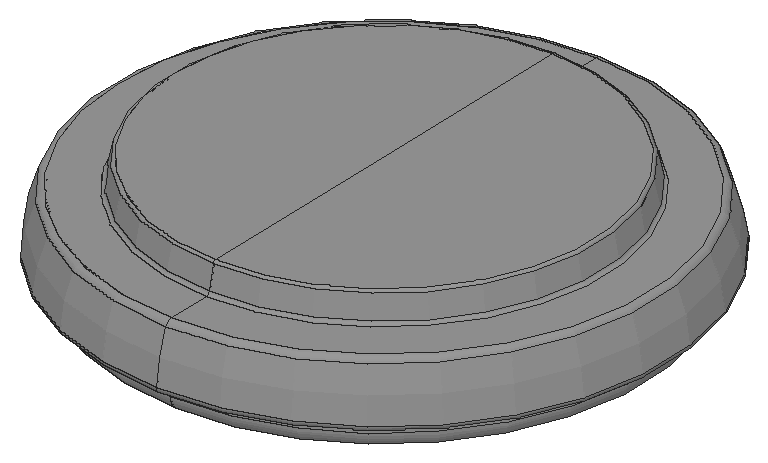
Revit family "FMK11_63_UN_Surface-mounted_ETK", category Lighting Fixtures, Revit 2017 (continued)
Definition of nested family "FMK.1 - Lightsource"
  Types (13, lengths in mm): name | Wattage Comments | Photometric Web File | built-in parameter 1150142 | Apparent Load
    FMK.1109.10 - Ø250x48 / 12W | "12W" | "FMK.1109.10.ies" | "IESNA:LM-63-2002\r\n[TEST] /2015\r\n[TESTLAB] ies2eulumdat.appspot.com\r\n[ISSUEDATE] 2021-06-16T09:00:21.829\r\n[MANUFAC] www.etk.nl\r\n[LUMCAT] FMK.1109.10\r\n[LUMINAIRE] FMK.1 LED 12W 3000/4000/5700K ø250 niet dimbaar\r\n[LAMPCAT] LED\r\n[LAMP] LED\r\nTILT=NONE\r\n1\t1150\t1\t46\t180\t1\t2\t-0.250\t-0.250\t0\r\n1.0\t1.0\t11.80\r\n0\t 2\t 4\t 6\t 8\t 10\t 12\t 14\t 16\t 18\r\n20\t 22\t 24\t 26\t 28\t 30\t 32\t 34\t 36\t 38\r\n40\t 42\t 44\t 46\t 48\t 50\t 52\t 54\t 56\t 58\r\n60\t 62\t 64\t 66\t 68\t 70\t 72\t 74\t 76\t 78\r\n80\t 82\t 84\t 86\t 88\t 90\r\n0\t 2\t 4\t 6\t 8\t 10\t 12\t 14\t 16\t 18\r\n20\t 22\t 24\t 26\t 28\t 30\t 32\t 34\t 36\t 38\r\n40\t 42\t 44\t 46\t 48\t 50\t 52\t 54\t 56\t 58\r\n60\t 62\t 64\t 66\t 68\t 70\t 72\t 74\t 76\t 78\r\n80\t 82\t 84\t 86\t 88\t 90\t 92\t 94\t 96\t 98\r\n100\t 102\t 104\t 106\t 108\t 110\t 112\t 114\t 116\t 118\r\n120\t 122\t 124\t 126\t 128\t 130\t 132\t 134\t 136\t 138\r\n140\t 142\t 144\t 146\t 148\t 150\t 152\t 154\t 156\t 158\r\n160\t 162\t 164\t 166\t 168\t 170\t 172\t 174\t 176\t 178\r\n180\t 182\t 184\t 186\t 188\t 190\t 192\t 194\t 196\t 198\r\n200\t 202\t 204\t 206\t 208\t 210\t 212\t 214\t 216\t 218\r\n220\t 222\t 224\t 226\t 228\t 230\t 232\t 234\t 236\t 238\r\n240\t 242\t 244\t 246\t 248\t 250\t 252\t 254\t 256\t 258\r\n260\t 262\t 264\t 266\t 268\t 270\t 272\t 274\t 276\t 278\r\n280\t 282\t 284\t 286\t 288\t 290\t 292\t 294\t 296\t 298\r\n300\t 302\t 304\t 306\t 308\t 310\t 312\t 314\t 316\t 318\r\n320\t 322\t 324\t 326\t 328\t 330\t 332\t 334\t 336\t 338\r\n340\t 342\t 344\t 346\t 348\t 350\t 352\t 354\t 356\t 358\r\n\r\n405.3384\t404.7765\t404.2265\t402.9975\t401.1013\t399.2051\t395.3191\t391.4331\t387.5471\t383.661\r\n379.7751\t373.4779\t367.169\t360.8717\t354.5746\t348.2657\t339.7094\t331.1415\t322.5852\t314.029\r\n305.461\t294.8096\t284.1582\t273.5069\t262.8555\t252.2041\t239.7267\t227.261\t214.7837\t202.3181\r\n189.8525\t177.3751\t164.9094\t152.432\t139.9664\t127.4891\t0\t0\t0\t0\r\n0\t0\t0\t0\t0\t0\r\n405.3384\t404.7925\t404.2577\t403.0448\t401.1686\t399.2994\t395.4335\t391.5606\t387.7102\t383.8203\r\n379.9334\t373.6444\t367.3443\t361.0453\t354.7325\t348.4388\t339.8983\t331.3616\t322.8117\t314.2627\r\n305.722\t295.0872\t284.4404\t273.8022\t263.1576\t252.5163\t240.0548\t227.5873\t215.131\t202.664\r\n190.1945\t177.7378\t165.2697\t152.8012\t140.3312\t128.1946\t0.3296\t0\t0\t0\r\n0\t0\t0\t0\t0\t0\r\n405.3384\t404.8094\t404.2892\t403.0935\t401.2796\t399.4809\t395.6213\t391.7396\t387.8385\t383.9437\r\n380.072\t373.802\t367.5085\t361.2065\t354.9129\t348.6531\t340.137\t331.5961\t323.0451\t314.5012\r\n305.9895\t295.3818\t284.734\t274.0862\t263.4264\t252.8071\t240.376\t227.9231\t215.4572\t202.995\r\n190.53\t178.0631\t165.6056\t153.1389\t140.6717\t129.4859\t1.3419\t0\t0\t0\r\n0\t0\t0\t0\t0\t0\r\n405.3384\t404.8271\t404.3209\t403.1488\t401.3532\t399.5783\t395.7291\t391.8382\t387.9181\t384.0265\r\n380.1901\t373.9544\t367.6616\t361.3486\t355.0482\t348.8012\t340.3437\t331.8018\t323.2501\t314.6929\r\n306.2129\t295.662\t285.012\t274.3604\t263.7094\t253.1247\t240.74\t228.2758\t215.8122\t203.3491\r\n190.8749\t178.4127\t165.9503\t153.4898\t141.027\t131.3458\t3.1025\t0\t0\t0\r\n0\t0\t0\t0\t0\t0\r\n405.3384\t404.8458\t404.3591\t403.1978\t401.4167\t399.6486\t395.7816\t391.8937\t388.0038\t384.1068\r\n380.2987\t374.1143\t367.817\t361.5156\t355.2003\t348.9967\t340.5979\t332.043\t323.4957\t314.942\r\n306.4955\t295.9896\t285.3021\t274.6328\t263.9659\t253.4202\t241.0823\t228.6129\t216.1591\t203.6915\r\n191.2234\t178.7558\t166.3001\t153.8352\t141.371\t133.6544\t5.718\t0\t0\t0\r\n0\t0\t0\t0\t0\t0\r\n405.3384\t404.8652\t404.3908\t403.2459\t401.4706\t399.6646\t395.8675\t391.9843\t388.0857\t384.1821\r\n380.4316\t374.3456\t368.0256\t361.7021\t355.3697\t349.2\t340.8799\t332.2872\t323.6935\t315.0968\r\n306.6804\t296.3012\t285.6181\t274.9391\t264.248\t253.707\t241.4578\t228.9766\t216.4988\t204.0245\r\n191.5571\t179.0864\t166.6186\t154.1544\t141.6922\t136.24\t9.3369\t0\t0\t0\r\n0\t0\t0\t0\t0\t0\r\n405.3384\t404.8854\t404.4219\t403.2933\t401.5055\t399.7186\t395.9651\t392.0842\t388.1903\t384.3067\r\n380.5784\t374.5562\t368.2162\t361.8639\t355.4958\t349.3364\t341.1183\t332.5123\t323.9013\t315.2964\r\n306.9063\t296.6299\t285.9122\t275.1976\t264.4831\t253.9575\t241.8218\t229.3201\t216.8328\t204.3396\r\n191.8483\t179.3695\t166.8926\t154.4222\t141.9565\t138.8551\t14.1501\t0\t0\t0\r\n0\t0\t0\t0\t0\t0\r\n405.3384\t404.9066\t404.4521\t403.3398\t401.5506\t399.7766\t396.0731\t392.2029\t388.3231\t384.3922\r\n380.6589\t374.7488\t368.3792\t361.9898\t355.5837\t349.4181\t341.3685\t332.7528\t324.1099\t315.4532\r\n307.0598\t296.9581\t286.2249\t275.4731\t264.7159\t254.1799\t242.1928\t229.6762\t217.1659\t204.6692\r\n192.1717\t179.6758\t167.1817\t154.6978\t142.2295\t141.3105\t20.401\t0\t0\t0\r\n0\t0\t0\t0\t0\t0\r\n405.3384\t404.9688\t404.4817\t403.3908\t401.5946\t399.8358\t396.2032\t392.3475\t388.4203\t384.4425\r\n380.7195\t374.9437\t368.5473\t362.1238\t355.6851\t349.5134\t341.9282\t332.9785\t324.3069\t315.6402\r\n306.9436\t297.5694\t286.5262\t275.7395\t264.9593\t254.1623\t242.7912\t230.0358\t217.5005\t204.986\r\n192.4711\t179.9636\t167.4644\t154.9748\t142.4941\t143.2492\t28.3764\t0\t0\t0\r\n0\t0\t0\t0\t0\t0\r\n405.3384\t404.9901\t404.5102\t403.434\t401.6375\t399.8986\t396.3675\t392.4653\t388.4946\t384.4886\r\n380.7515\t375.1532\t368.7296\t362.2829\t355.7949\t349.2691\t342.1908\t333.257\t324.528\t315.7751\r\n307.0363\t297.9246\t286.8722\t276.0236\t265.1733\t254.3419\t243.18\t230.433\t217.8766\t205.3224\r\n192.7845\t180.2462\t167.7206\t155.2142\t142.724\t144.3059\t38.4235\t0\t0\t0\r\n0\t0\t0\t0\t0\t0\r\n405.3384\t405.0108\t404.5376\t403.4745\t401.6757\t399.9613\t396.5103\t392.5677\t388.5717\t384.5293\r\n380.4421\t375.6788\t368.9428\t362.4278\t355.8852\t349.3419\t342.4468\t333.4846\t324.7196\t315.9401\r\n307.1422\t298.1755\t287.1691\t276.2852\t265.4162\t254.5351\t243.54\t230.8321\t218.2158\t205.6051\r\n193.0422\t180.5018\t167.9628\t155.4439\t142.9509\t130.4715\t80.1717\t0\t0\t0\r\n0\t0\t0\t0\t0\t0\r\n405.3384\t405.0308\t404.5638\t403.5122\t401.7197\t400.0344\t396.6479\t392.675\t388.642\t384.5539\r\n380.446\t375.8849\t369.1475\t362.5941\t356.0076\t349.3402\t342.606\t333.7678\t324.9507\t316.0958\r\n307.1888\t298.3823\t287.5427\t276.5987\t265.6547\t254.6769\t243.7733\t231.1892\t218.5583\t205.9536\r\n193.3574\t180.7795\t168.2176\t155.6732\t143.1664\t130.6811\t92.6587\t0\t0\t0\r\n0\t0\t0\t0\t0\t0\r\n405.3384\t405.0504\t404.5956\t403.547\t401.7653\t400.0733\t397.0342\t392.7846\t388.7175\t384.6009\r\n380.4658\t376.0643\t369.3866\t362.7735\t356.0799\t349.3699\t342.7566\t334.0832\t325.1628\t316.2179\r\n307.2752\t298.5357\t287.9146\t276.8913\t265.8705\t254.8646\t244.0337\t231.6235\t218.9315\t206.265\r\n193.6356\t181.0339\t168.4572\t155.9156\t143.3861\t130.8825\t104.473\t0\t0\t0\r\n0\t0\t0\t0\t0\t0\r\n405.3384\t405.0692\t404.6173\t403.5726\t401.812\t400.0922\t397.1653\t392.8976\t388.795\t384.6787\r\n380.4567\t376.1942\t369.6246\t362.9226\t356.2055\t349.4272\t342.8367\t334.3769\t325.3805\t316.3703\r\n307.3625\t298.3377\t288.5546\t277.2123\t266.1258\t255.0391\t244.1559\t232.0335\t219.3073\t206.6258\r\n193.9576\t181.3129\t168.7045\t156.1324\t143.5875\t131.0872\t115.0185\t0\t0\t0\r\n0\t0\t0\t0\t0\t0\r\n405.3384\t405.0876\t404.6362\t403.6022\t401.8688\t399.828\t397.2783\t392.9976\t388.9023\t384.7385\r\n380.4432\t376.2623\t369.8607\t363.1303\t356.3361\t349.4819\t342.5273\t334.9205\t325.6274\t316.563\r\n307.4647\t298.325\t288.8953\t277.552\t266.3836\t255.2249\t244.066\t232.6598\t219.71\t206.9637\r\n194.2635\t181.5828\t168.9417\t156.3369\t143.7678\t131.2452\t123.6219\t0\t0\t0\r\n0\t0\t0\t0\t0\t0\r\n405.3384\t405.1054\t404.6527\t403.6299\t401.9954\t399.8313\t397.3825\t393.1311\t389.0376\t384.7914\r\n380.4256\t376.2601\t370.1442\t363.3441\t356.5\t349.5195\t342.4467\t335.1645\t325.9313\t316.7695\r\n307.548\t298.3169\t289.1161\t277.9297\t266.651\t255.4032\t244.1853\t232.9715\t220.1319\t207.3312\r\n194.5444\t181.8166\t169.148\t156.5181\t143.9438\t131.4005\t129.5504\t10.7169\t0\t0\r\n0\t0\t0\t0\t0\t0\r\n405.3384\t405.1227\t404.6665\t403.6558\t402.0282\t399.8387\t397.4732\t393.2952\t389.1616\t384.8421\r\n380.4176\t375.9014\t370.721\t363.6037\t356.6569\t349.5494\t342.4061\t335.3294\t326.2421\t316.9739\r\n307.6665\t298.3454\t289.1781\t278.2878\t266.963\t255.6467\t244.3238\t233.1536\t220.5163\t207.6577\r\n194.8355\t182.0686\t169.3482\t156.6677\t144.0408\t131.4715\t131.8453\t25.923\t0\t0\r\n0\t0\t0\t0\t0\t0\r\n405.3384\t405.1396\t404.6776\t403.6776\t402.0538\t399.8619\t397.5341\t393.5083\t389.2881\t384.8846\r\n380.4261\t375.832\t370.9139\t363.9038\t356.8028\t349.6355\t342.4017\t335.332\t326.5796\t317.2212\r\n307.8198\t298.3417\t288.8594\t278.9905\t267.339\t255.8866\t244.4302\t233.0061\t221.1259\t208.0094\r\n195.1274\t182.2902\t169.5075\t156.7928\t144.1389\t131.538\t118.9821\t72.5747\t0\t0\r\n0\t0\t0\t0\t0\t0\r\n405.3384\t405.1559\t404.686\t403.7113\t402.0482\t399.882\t397.6063\t393.7003\t389.4083\t384.9648\r\n380.4586\t375.7543\t371.0891\t364.165\t357.0131\t349.7518\t342.4103\t334.9484\t327.1548\t317.4999\r\n307.9709\t298.3923\t288.8332\t279.2321\t267.7019\t256.1485\t244.593\t233.049\t221.4516\t208.379\r\n195.4187\t182.5259\t169.6952\t156.9157\t144.2105\t131.5685\t118.9925\t91.6472\t0\t0\r\n0\t0\t0\t0\t0\t0\r\n405.3384\t405.1718\t404.6918\t403.7304\t402.0748\t399.9057\t397.6713\t393.8957\t389.5114\t385.088\r\n380.4979\t375.7076\t371.0587\t364.4889\t357.2386\t349.9042\t342.4218\t334.8539\t327.2884\t317.8216\r\n308.1836\t298.5219\t288.784\t279.2695\t268.1369\t256.4569\t244.7869\t233.1079\t221.6219\t208.7797\r\n195.7476\t182.7712\t169.842\t157.0084\t144.2669\t131.5897\t118.9856\t106.3522\t0\t0\r\n0\t0\t0\t0\t0\t0\r\n405.3384\t405.1872\t404.677\t403.7455\t402.1069\t399.9332\t397.7438\t394.3242\t389.6719\t385.2237\r\n380.5442\t375.6807\t370.6129\t365.0631\t357.5309\t350.0674\t342.4859\t334.7817\t327.2448\t318.4473\r\n308.4635\t298.6371\t288.784\t278.8955\t268.7927\t256.8209\t244.9966\t233.2361\t221.4851\t209.3772\r\n196.0586\t182.9925\t170.014\t157.1221\t144.303\t131.5659\t118.922\t115.4507\t0.7529\t0\r\n0\t0\t0\t0\t0\t0\r\n405.3384\t405.2023\t404.5924\t403.7567\t402.1445\t399.9518\t397.5215\t394.4699\t389.8906\t385.382\r\n380.6063\t375.6074\t370.4961\t365.1827\t357.8531\t350.2794\t342.5728\t334.767\t326.8088\t318.7303\r\n308.7717\t298.8224\t288.8326\t278.8036\t268.8778\t257.2662\t245.3121\t233.3885\t221.4719\t209.6291\r\n196.4163\t183.2663\t170.1886\t157.217\t144.3317\t131.5459\t118.8227\t106.1876\t17.4697\t0\r\n0\t0\t0\t0\t0\t0\r\n405.3384\t405.217\t404.5944\t403.7643\t402.2164\t399.9969\t397.5215\t394.5348\t390.1198\t385.5481\r\n380.6842\t375.579\t370.3695\t365.1761\t358.5091\t350.5396\t342.7377\t334.7731\t326.7113\t318.7291\r\n309.1553\t299.0695\t288.9289\t278.7193\t268.5571\t257.9194\t245.6422\t233.5555\t221.5159\t209.6959\r\n196.8141\t183.564\t170.3986\t157.3153\t144.3298\t131.4311\t118.6433\t105.963\t65.2493\t0\r\n0\t0\t0\t0\t0\t0\r\n405.3384\t405.2314\t404.597\t403.7683\t402.259\t400.1387\t397.5142\t394.6254\t390.3718\t385.7346\r\n380.7618\t375.6336\t370.2359\t364.7113\t358.7633\t350.8369\t342.942\t334.8576\t326.6208\t318.2983\r\n309.7123\t299.3766\t289.0811\t278.7695\t268.3526\t258.0866\t246.0418\t233.822\t221.6258\t209.5032\r\n197.3492\t183.8918\t170.5912\t157.4067\t144.3357\t131.3476\t118.48\t105.7362\t86.9291\t0\r\n0\t0\t0\t0\t0\t0\r\n405.3384\t405.2454\t404.6007\t403.7691\t402.2969\t400.2013\t397.5194\t394.7022\t390.8756\t385.9297\r\n380.8283\t375.6809\t370.2029\t364.5257\t358.7975\t351.2443\t343.1931\t334.9798\t326.6184\t318.1094\r\n309.6994\t299.7814\t289.3562\t278.8261\t268.235\t257.6488\t246.725\t234.1375\t221.8235\t209.5282\r\n197.4412\t184.2693\t170.8692\t157.5318\t144.3183\t131.2485\t118.3192\t105.4985\t99.8452\t0\r\n0\t0\t0\t0\t0\t0\r\n405.3384\t405.2465\t404.6055\t403.7327\t402.33\t400.28\t397.5374\t394.7758\t391.1064\t386.1222\r\n380.9814\t375.6963\t370.1916\t364.3689\t358.3019\t351.8681\t343.551\t335.1761\t326.6651\t318.0094\r\n309.224\t300.3263\t289.676\t278.9673\t268.2109\t257.4449\t246.79\t234.5954\t222.0662\t209.6096\r\n197.2538\t184.796\t171.1111\t157.6776\t144.3725\t131.1929\t118.1378\t105.2239\t92.4606\t7.417\r\n0\t0\t0\t0\t0\t0\r\n405.3384\t405.26\t404.6117\t403.7331\t402.3583\t400.3318\t397.5727\t394.5667\t391.2865\t386.3445\r\n381.2477\t375.7985\t370.1959\t364.244\t358.0878\t351.9228\t343.9437\t335.4465\t326.8059\t317.9911\r\n309.0489\t300.2024\t290.2985\t279.2004\t268.2951\t257.2789\t246.344\t235.2056\t222.4167\t209.7955\r\n197.2042\t184.8605\t171.4948\t157.9091\t144.4487\t131.1247\t117.9609\t104.9565\t92.1149\t52.9313\r\n0\t0\t0\t0\t0\t0\r\n405.3384\t405.2736\t404.6193\t403.7351\t402.3811\t400.3748\t397.6302\t394.5872\t391.3781\t386.8119\r\n381.4951\t375.9993\t370.2514\t364.1293\t357.9116\t351.3889\t344.5079\t335.822\t327.0416\t318.0736\r\n308.9557\t299.6921\t290.3569\t279.5927\t268.421\t257.3226\t246.1\t234.903\t222.8814\t210.0311\r\n197.2958\t184.6475\t172.0079\t158.165\t144.5452\t131.0796\t117.7978\t104.7315\t91.8426\t76.8551\r\n0\t0\t0\t0\t0\t0\r\n405.3384\t405.2871\t404.6284\t403.7382\t402.383\t400.4092\t397.8019\t394.6157\t391.382\t386.9759\r\n381.7537\t376.2214\t370.3501\t364.1175\t357.7917\t351.1064\t344.4201\t336.5393\t327.3814\t318.2587\r\n308.9705\t299.4656\t289.8818\t280.0753\t268.8078\t257.4031\t245.984\t234.5829\t223.2864\t210.4452\r\n197.4796\t184.6232\t171.8738\t158.4916\t144.6856\t131.1101\t117.7175\t104.5034\t91.5471\t87.0893\r\n0\t0\t0\t0\t0\t0\r\n405.3384\t405.3008\t404.6392\t403.7418\t402.3989\t400.4352\t397.8747\t394.6614\t391.0674\t387.1128\r\n382.2229\t376.4632\t370.4832\t364.2203\t357.7251\t350.8963\t343.8101\t336.6669\t327.8215\t318.561\r\n309.1145\t299.4337\t289.6313\t279.6987\t269.4041\t257.6346\t246.0417\t234.3777\t222.7877\t211.0609\r\n197.8041\t184.6956\t171.7174\t158.9026\t144.9461\t131.1605\t117.657\t104.3263\t91.2411\t78.3968\r\n8.6356\t0\t0\t0\t0\t0\r\n405.3384\t405.3146\t404.6518\t403.7453\t402.4116\t400.4333\t397.9374\t394.7255\t391.0189\t387.2362\r\n382.4741\t376.7553\t370.621\t364.3583\t357.712\t350.7498\t343.5434\t336.0689\t328.3754\t318.9975\r\n309.3575\t299.5473\t289.484\t279.3984\t269.2587\t258.261\t246.2079\t234.3624\t222.4746\t210.6739\r\n198.3975\t184.9162\t171.7187\t158.643\t145.2545\t131.3415\t117.6016\t104.16\t90.981\t78.0548\r\n54.1337\t0\t0\t0\t0\t0\r\n405.3384\t405.4889\t404.6945\t403.6712\t402.4205\t400.4506\t397.9834\t394.8928\t390.9998\t386.973\r\n382.6577\t377.3141\t370.8707\t364.5641\t357.7877\t350.7046\t343.3801\t335.7208\t327.8525\t319.6767\r\n309.7968\t299.7787\t289.6134\t279.2245\t268.6962\t258.2578\t246.6038\t234.4814\t222.3847\t210.2821\r\n198.4381\t185.3347\t171.8446\t158.564\t145.4985\t131.5442\t117.6455\t104.0124\t90.7095\t77.7184\r\n71.0115\t0\t0\t0\t0\t0\r\n405.3384\t405.5009\t404.7104\t403.6809\t402.4254\t400.4644\t398.0198\t394.9896\t391.014\t386.9406\r\n382.6666\t377.537\t371.2201\t364.837\t357.9545\t350.7593\t343.2926\t335.5022\t327.46\t319.1538\r\n310.4783\t300.1684\t289.8497\t279.2431\t268.5397\t257.661\t246.8589\t234.8353\t222.4783\t210.092\r\n197.8192\t185.7046\t172.2109\t158.5712\t145.1721\t131.9025\t117.7262\t103.9048\t90.5045\t77.4349\r\n64.724\t0\t0\t0\t0\t0\r\n405.3384\t405.512\t404.7274\t403.6949\t402.4256\t400.4737\t398.0459\t395.0319\t391.1349\t386.9314\r\n382.368\t377.565\t371.7894\t365.1647\t358.2122\t350.925\t343.2805\t335.4297\t327.1908\t318.7224\r\n309.9642\t300.886\t290.2777\t279.5029\t268.5805\t257.4726\t246.2239\t235.0727\t222.7881\t210.1727\r\n197.5617\t185.0625\t172.6371\t158.8143\t145.0846\t131.6118\t117.8827\t103.9322\t90.3265\t77.1744\r\n64.48\t35.0653\t0\t0\t0\t0\r\n405.3384\t405.522\t404.7455\t403.7452\t402.4209\t400.4773\t398.0588\t395.0488\t391.1753\t387.0135\r\n382.3352\t377.2242\t371.9159\t365.7147\t358.5534\t351.2243\t343.4254\t335.4792\t327.0606\t318.4772\r\n309.4696\t300.3065\t290.8705\t280.0089\t268.8629\t257.5392\t246.0377\t234.4621\t222.8965\t210.6316\r\n197.5873\t184.7291\t171.9505\t159.2993\t145.2866\t131.4601\t118.0115\t103.9741\t90.2222\t76.9361\r\n64.1798\t56.618\t0\t0\t0\t0\r\n405.3384\t405.5308\t404.7649\t403.7651\t402.3395\t400.4737\t398.0593\t395.0424\t391.207\t387.0567\r\n382.3506\t377.1527\t371.6378\t365.821\t359.1154\t351.6039\t343.7387\t335.6237\t327.116\t318.3892\r\n309.185\t299.8538\t290.1589\t280.4669\t269.6277\t257.8645\t246.1541\t234.2897\t222.3665\t210.3175\r\n198.0481\t184.7232\t171.6272\t158.6683\t145.768\t131.577\t117.6798\t104.1455\t90.1031\t76.7097\r\n63.9092\t51.7004\t0\t0\t0\t0\r\n405.3384\t405.5388\t404.7856\t403.7878\t402.34\t400.4766\t398.0469\t395.016\t391.2276\t387.086\r\n382.4782\t377.1848\t371.6139\t365.5258\t359.2193\t352.1252\t344.383\t335.9209\t327.3527\t318.4608\r\n309.1505\t299.601\t289.7392\t279.6691\t269.2868\t258.5846\t246.5891\t234.456\t222.2595\t209.9698\r\n197.5743\t185.146\t171.655\t158.2647\t145.101\t132.0467\t117.7168\t103.7776\t90.1162\t76.5416\r\n63.6537\t51.4481\t11.4644\t0\t0\t0\r\n405.3384\t405.5455\t404.8079\t403.8136\t402.3469\t400.3632\t398.021\t394.9736\t391.2361\t387.0991\r\n382.4999\t377.3413\t371.7228\t365.4801\t358.9167\t352.0852\t344.7107\t336.4982\t327.7775\t318.7203\r\n309.3167\t299.5744\t289.5996\t279.3072\t268.7148\t257.8887\t247.047\t235.2639\t222.5436\t209.9771\r\n197.2699\t184.5597\t171.885\t158.2865\t144.6692\t131.337\t118.1829\t103.7905\t89.9666\t76.4265\r\n63.4089\t51.1676\t44.0861\t0\t0\t0\r\n405.3384\t405.5513\t404.9774\t403.8429\t402.3609\t400.3505\t397.8886\t394.8898\t391.2407\t387.0953\r\n382.4979\t377.3824\t371.7634\t365.5989\t358.905\t351.812\t344.4396\t336.63\t328.3847\t319.3177\r\n309.7407\t299.8087\t289.728\t279.2246\t268.459\t257.4328\t246.1417\t234.7065\t223.2024\t210.4254\r\n197.4644\t184.3923\t171.2764\t158.1367\t144.9817\t130.9885\t117.4819\t104.1949\t89.9202\t76.3115\r\n63.1698\t50.8615\t39.4911\t0\t0\t0\r\n405.3384\t405.5559\t404.9992\t403.8756\t402.382\t400.349\t397.8573\t394.7468\t391.2145\t387.0848\r\n382.4587\t377.3893\t371.7642\t365.6347\t359.0468\t351.9462\t344.3869\t336.3706\t328.1386\t319.4674\r\n310.3444\t300.4744\t290.1739\t279.4322\t268.5321\t257.3547\t245.836\t234.1207\t222.3374\t210.1954\r\n198.078\t184.7804\t171.3331\t157.8412\t144.3958\t131.1966\t117.2105\t103.4803\t90.2145\t76.2405\r\n62.9998\t50.5463\t39.207\t5.7837\t0\t0\r\n405.
